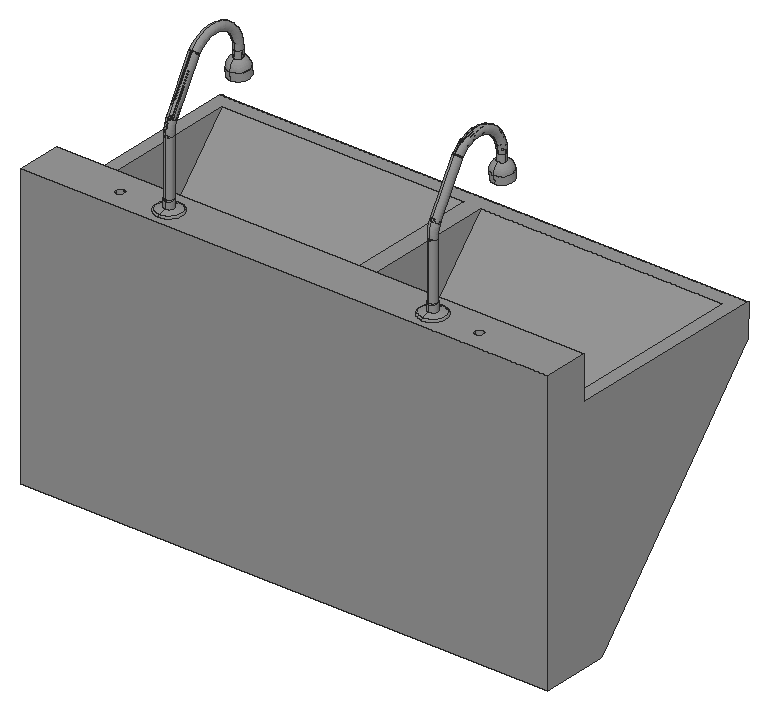
Revit family "ESS 2200-H", category Plumbing Fixtures, host Wall, Revit 2015
Parameters (values of type "ESS 2200-H")
  Width = 1524 mm
  URL = "www.mk.cl"
  Type Comments = "Fregadero de Doble Estación con Rociador de Cebolleta (8.3 Lpm/2.2 gpm max.)"
  Supplier = "Mk"  # constant formula
  Model = "ESS 2200-H"
  Manufacturer = "Sloan"  # constant formula
  Keynote = "22 41 16.16"
  ID_Source = "BIMTOOL"
  ID_Objeto = "BT_F_F_1777"
  Height = 815 mm
  Description = "FREGADERO DE ACERO INOX. DE DOBLE ESTACIÓN CON LLAVES SLOAN OPERADAS POR SENSOR"
  Depth = 717.735 mm
  Copyright © = "Bimtool 2018 ®Todos los derechos reservados."  # constant formula
  BT_Uso = "Fregadero"
  BT_SKU = "00 00 00"
  BT_Material = Acero Inoxidable
  BT_Itemizado_Estandar_CDT = "H 06 06 00"
  BT_Color = "Gris"
  Assembly Code = "D2010.60"
Reference planes
  plane 1: y = 0
  plane 2 "Center (Left/Right)": x = 125
  plane 3 "Back": y = 75
  plane 4 "Tope lavamanos": z = 1143
  plane 5: x = 887
  plane 6: x = -637
  plane 7 "Centro llave": x = -256
  plane 8 "Centro llave 2": x = 506
  plane 9: x = 849
  plane 10: x = 150
  plane 11: y = 792.735
  plane 12: y = 754.735
  plane 13: y = 205.331
  plane 14: y = 370.331
  plane 15: x = 100
  plane 16: x = -599
  plane 17: y = 135.197
  plane 18: z = 328
Forms (mm)
  Extrusion 1, solid, material "Acero Inoxidable"
    sketch origin (125, 5.331, 0) x (0, 1, 0) y (0, 0, 1)
      loop
        line (69.669, 1143) -> (69.669, 328) -> (255, 328)
        arc (255, 328) -> (258.96, 328.698) -> (262.443, 330.709) r 11.58
        line (262.443, 330.709) -> (790.887, 920.748)
        arc (790.887, 920.748) -> (792.252, 922.612) -> (792.735, 924.87) r 5.521
        line (792.735, 924.87) -> (792.735, 1016.331)
        arc (792.735, 1016.331) -> (792.246, 1017.511) -> (791.066, 1018) r 1.669
        line (791.066, 1018) -> (200, 1018) -> (200, 1143) -> (69.669, 1143)
    from -762 to 762
  Extrusion 2, void
    sketch origin (125, 5.331, 0) x (0, 1, 0) y (0, 0, 1)
      loop
        line (200, 641.877) -> (398.663, 641.877) -> (813.637, 1086.882) -> (200, 1086.882) -> (200, 641.877)
    from 25 to 724
  Extrusion 3, void
    sketch origin (-637, 5.331, 0) x (0, 1, 0) y (0, 0, 1)
      loop
        line (200, 641.877) -> (398.663, 641.877) -> (813.637, 1086.882) -> (200, 1086.882) -> (200, 641.877)
    from 38 to 737
  Extrusion 4, void
    sketch origin (0, 0, 0) x (1, 0, 0) y (0, 1, 0)
      loop
        circle (506, 370.331) r 19
      loop
        circle (-256, 370.331) r 19
    from 526.651 to 723.367
  Revolve 5, solid, material "Acero Inoxidable"
    sketch origin (506, 0, 0) x (0, 1, 0) y (0, 0, 1)
      loop
        line (135.197, 1176.318) -> (124.914, 1176.318)
        arc (124.914, 1176.318) -> (122.614, 1175.365) -> (121.661, 1173.065) r 3.254
        line (121.661, 1173.065) -> (121.661, 1153.065) -> (135.197, 1153.065) -> (135.197, 1176.318)
      axis (135.197, 1176.318) -> (135.197, 1153.065)
    angle from 0 to 360
  Revolve 6, solid, material "Acero Inoxidable"
    sketch origin (506, 0, 0) x (0, 1, 0) y (0, 0, 1)
      loop
        line (135.197, 1153.065) -> (121.661, 1153.065) -> (99.958, 1147.25)
        arc (99.958, 1147.25) -> (97.507, 1145.687) -> (96.397, 1143) r 4.829
        line (96.397, 1143) -> (135.197, 1143) -> (135.197, 1153.065)
      axis (135.197, 1153.065) -> (135.197, 1143)
    angle from 0 to 360
  Sweep 7, solid, material "Acero Inoxidable"
    path origin (125, 0, 0) x (0, 1, 0) y (0, 0, 1)
      loop
        line (135.197, 1176.006) -> (135.197, 1341.006)
    profile origin (125, 135.197, 1258.506) x (0, -1, 0) y (1, 0, 0)
      loop
        circle (0, -381) r 12
  Sweep 8, solid, material "Acero Inoxidable"
    path origin (125, 2.731, -0.122) x (0, 1, 0) y (0, 0, 1)
      loop
        arc (135.283, 1338.935) -> (137.476, 1360.081) -> (146.223, 1379.457) r 66.566
    profile origin (125, 140.207, 1359.959) x (0, -0.965438, 0.260634) y (1, 0, 0)
      loop
        circle (2.752, -381) r 12
  Sweep 9, solid, material "Acero Inoxidable"
    path origin (125, 40.94, -24.599) x (0, 1, 0) y (0, 0, 1)
      loop
        line (144.083, 1376.567) -> (226.489, 1513.714)
    profile origin (125, 226.226, 1420.542) x (0, -0.857167, 0.515038) y (1, 0, 0)
      loop
        circle (47.762, -381) r 12
  Sweep 10, solid, material "Acero Inoxidable"
    path origin (505.99, -0.757, -2.575) x (0, 1, 0) y (0, 0, 1)
      loop
        arc (226.08, 1514.661) -> (326.402, 1540.974) -> (385.649, 1455.847) r 90.57
    profile origin (505.99, 325.645, 1538.398) x (0, 0.345835, 0.938295) y (1, 0, 0)
      loop
        circle (0, 0) r 12
  Sweep 11, solid, material "Acero Inoxidable"
    path origin (125, 14.557, 0.026) x (0, 1, 0) y (0, 0, 1)
      loop
        line (384.893, 1453.272) -> (384.893, 1431.097)
    profile origin (125, 399.45, 1442.211) x (1, 0, 0) y (0, 1, 0)
      loop
        circle (-381, -14.561) r 12
  Revolve 12, solid, material "Acero Inoxidable"
    sketch origin (505, 0, 0) x (0, 1, 0) y (0, 0, 1)
      loop
        line (384.888, 1431.124) -> (372.888, 1431.124)
        arc (372.888, 1431.124) -> (360.746, 1419.517) -> (357.226, 1403.092) r 28.568
        line (357.226, 1403.092) -> (359.204, 1380.49) -> (389.09, 1383.104) -> (384.888, 1431.124)
      axis (384.797, 1432.165) -> (389.09, 1383.104)
    angle from 0 to 360
  Revolve 13, solid, material "Acero Inoxidable", not visible
    sketch origin (506, 0, 0) x (0, 1, 0) y (0, 0, 1)
      loop
        line (135.197, 1176.318) -> (124.914, 1176.318)
        arc (124.914, 1176.318) -> (122.614, 1175.365) -> (121.661, 1173.065) r 3.254
        line (121.661, 1173.065) -> (121.661, 1153.065) -> (135.197, 1153.065) -> (135.197, 1176.318)
      axis (135.197, 1176.318) -> (135.197, 1153.065)
    angle from 0 to 360
  Revolve 14, solid, material "Acero Inoxidable", not visible
    sketch origin (506, 0, 0) x (0, 1, 0) y (0, 0, 1)
      loop
        line (135.197, 1153.065) -> (121.661, 1153.065) -> (99.958, 1147.25)
        arc (99.958, 1147.25) -> (97.507, 1145.687) -> (96.397, 1143) r 4.829
        line (96.397, 1143) -> (135.197, 1143) -> (135.197, 1153.065)
      axis (135.197, 1153.065) -> (135.197, 1143)
    angle from 0 to 360
  Sweep 15, solid, material "Acero Inoxidable", not visible
    path origin (125, 0, 0) x (0, 1, 0) y (0, 0, 1)
      loop
        line (135.197, 1176.006) -> (135.197, 1341.006)
    profile origin (125, 135.197, 1258.506) x (0, -1, 0) y (1, 0, 0)
      loop
        circle (0, -381) r 12
  Sweep 16, solid, material "Acero Inoxidable", not visible
    path origin (125, 2.731, -0.122) x (0, 1, 0) y (0, 0, 1)
      loop
        arc (135.283, 1338.935) -> (137.476, 1360.081) -> (146.223, 1379.457) r 66.566
    profile origin (125, 140.207, 1359.959) x (0, -0.965438, 0.260634) y (1, 0, 0)
      loop
        circle (2.752, -381) r 12
  Sweep 17, solid, material "Acero Inoxidable", not visible
    path origin (125, 40.94, -24.599) x (0, 1, 0) y (0, 0, 1)
      loop
        line (144.083, 1376.567) -> (226.489, 1513.714)
    profile origin (125, 226.226, 1420.542) x (0, -0.857167, 0.515038) y (1, 0, 0)
      loop
        circle (47.762, -381) r 12
  Sweep 18, solid, material "Acero Inoxidable", not visible
    path origin (505.99, -0.757, -2.575) x (0, 1, 0) y (0, 0, 1)
      loop
        arc (226.08, 1514.661) -> (326.402, 1540.974) -> (385.649, 1455.847) r 90.57
    profile origin (505.99, 325.645, 1538.398) x (0, 0.345835, 0.938295) y (1, 0, 0)
      loop
        circle (0, 0) r 12
  Sweep 19, solid, material "Acero Inoxidable", not visible
    path origin (125, 14.557, 0.026) x (0, 1, 0) y (0, 0, 1)
      loop
        line (384.893, 1453.272) -> (384.893, 1431.097)
    profile origin (125, 399.45, 1442.211) x (1, 0, 0) y (0, 1, 0)
      loop
        circle (-381, -14.561) r 12
  Revolve 20, solid, material "Acero Inoxidable", not visible
    sketch origin (505, 0, 0) x (0, 1, 0) y (0, 0, 1)
      loop
        line (384.888, 1431.124) -> (372.888, 1431.124)
        arc (372.888, 1431.124) -> (360.746, 1419.517) -> (357.226, 1403.092) r 28.568
        line (357.226, 1403.092) -> (359.204, 1380.49) -> (389.09, 1383.104) -> (384.888, 1431.124)
      axis (384.797, 1432.165) -> (389.09, 1383.104)
    angle from 0 to 360
  Revolve 21, solid, material "Acero Inoxidable"
    sketch origin (506, 0, 0) x (0, 1, 0) y (0, 0, 1)
      loop
        line (135.197, 1176.318) -> (124.914, 1176.318)
        arc (124.914, 1176.318) -> (122.614, 1175.365) -> (121.661, 1173.065) r 3.254
        line (121.661, 1173.065) -> (121.661, 1153.065) -> (135.197, 1153.065) -> (135.197, 1176.318)
      axis (135.197, 1176.318) -> (135.197, 1153.065)
    angle from 0 to 360
  Revolve 22, solid, material "Acero Inoxidable"
    sketch origin (506, 0, 0) x (0, 1, 0) y (0, 0, 1)
      loop
        line (135.197, 1153.065) -> (121.661, 1153.065) -> (99.958, 1147.25)
        arc (99.958, 1147.25) -> (97.507, 1145.687) -> (96.397, 1143) r 4.829
        line (96.397, 1143) -> (135.197, 1143) -> (135.197, 1153.065)
      axis (135.197, 1153.065) -> (135.197, 1143)
    angle from 0 to 360
  Sweep 23, solid, material "Acero Inoxidable"
    path origin (125, 0, 0) x (0, 1, 0) y (0, 0, 1)
      loop
        line (135.197, 1176.006) -> (135.197, 1341.006)
    profile origin (125, 135.197, 1258.506) x (0, -1, 0) y (1, 0, 0)
      loop
        circle (0, -381) r 12
  Sweep 24, solid, material "Acero Inoxidable"
    path origin (125, 2.731, -0.122) x (0, 1, 0) y (0, 0, 1)
      loop
        arc (135.283, 1338.935) -> (137.476, 1360.081) -> (146.223, 1379.457) r 66.566
    profile origin (125, 140.207, 1359.959) x (0, -0.965438, 0.260634) y (1, 0, 0)
      loop
        circle (2.752, -381) r 12
  Sweep 25, solid, material "Acero Inoxidable"
    path origin (125, 40.94, -24.599) x (0, 1, 0) y (0, 0, 1)
      loop
        line (144.083, 1376.567) -> (226.489, 1513.714)
    profile origin (125, 226.226, 1420.542) x (0, -0.857167, 0.515038) y (1, 0, 0)
      loop
        circle (47.762, -381) r 12
  Sweep 26, solid, material "Acero Inoxidable"
    path origin (505.99, -0.757, -2.575) x (0, 1, 0) y (0, 0, 1)
      loop
        arc (226.08, 1514.661) -> (326.402, 1540.974) -> (385.649, 1455.847) r 90.57
    profile origin (505.99, 325.645, 1538.398) x (0, 0.345835, 0.938295) y (1, 0, 0)
      loop
        circle (0, 0) r 12
  Sweep 27, solid, material "Acero Inoxidable"
    path origin (125, 14.557, 0.026) x (0, 1, 0) y (0, 0, 1)
      loop
        line (384.893, 1453.272) -> (384.893, 1431.097)
    profile origin (125, 399.45, 1442.211) x (1, 0, 0) y (0, 1, 0)
      loop
        circle (-381, -14.561) r 12
  Revolve 28, solid, material "Acero Inoxidable"
    sketch origin (505, 0, 0) x (0, 1, 0) y (0, 0, 1)
      loop
        line (384.888, 1431.124) -> (372.888, 1431.124)
        arc (372.888, 1431.124) -> (360.746, 1419.517) -> (357.226, 1403.092) r 28.568
        line (357.226, 1403.092) -> (359.204, 1380.49) -> (389.09, 1383.104) -> (384.888, 1431.124)
      axis (384.797, 1432.165) -> (389.09, 1383.104)
    angle from 0 to 360
  Extrusion 29, void
    sketch origin (0, -26.886, -88.568) x (1, 0, 0) y (0, 0, 1)
      loop
        line (576, 1080.5) -> (436, 1080.5) -> (436, 1040.5) -> (576, 1040.5) -> (576, 1080.5)
    from -835.874 to -806.886
  Extrusion 30, void
    sketch origin (-762, -26.886, -88.568) x (1, 0, 0) y (0, 0, 1)
      loop
        line (576, 1080.5) -> (436, 1080.5) -> (436, 1040.5) -> (576, 1040.5) -> (576, 1080.5)
    from -835.874 to -806.886
  Extrusion 31, void
    sketch origin (0, 0, 0) x (1, 0, 0) y (0, 1, 0)
      loop
        circle (-393.492, 130.919) r 12
      loop
        circle (643.492, 130.919) r 12
    from 270.959 to 1196.691
  Revolve 32, solid, material "Acero Inoxidable"
    sketch origin (-255.416, 0, 0) x (0, 1, 0) y (0, 0, 1)
      loop
        line (135.197, 1176.318) -> (124.914, 1176.318)
        arc (124.914, 1176.318) -> (122.614, 1175.365) -> (121.661, 1173.065) r 3.254
        line (121.661, 1173.065) -> (121.661, 1153.065) -> (135.197, 1153.065) -> (135.197, 1176.318)
      axis (135.197, 1176.318) -> (135.197, 1153.065)
    angle from 0 to 360
  Revolve 33, solid, material "Acero Inoxidable"
    sketch origin (-255.416, 0, 0) x (0, 1, 0) y (0, 0, 1)
      loop
        line (135.197, 1153.065) -> (121.661, 1153.065) -> (99.958, 1147.25)
        arc (99.958, 1147.25) -> (97.507, 1145.687) -> (96.397, 1143) r 4.829
        line (96.397, 1143) -> (135.197, 1143) -> (135.197, 1153.065)
      axis (135.197, 1153.065) -> (135.197, 1143)
    angle from 0 to 360
  Sweep 34, solid, material "Acero Inoxidable"
    path origin (-255.427, -0.757, -2.575) x (0, 1, 0) y (0, 0, 1)
      loop
        arc (226.08, 1514.661) -> (326.402, 1540.974) -> (385.649, 1455.847) r 90.57
    profile origin (-255.427, 325.645, 1538.398) x (0, 0.345835, 0.938295) y (1, 0, 0)
      loop
        circle (0, 0) r 12
  Revolve 35, solid, material "Acero Inoxidable"
    sketch origin (-256.416, 0, 0) x (0, 1, 0) y (0, 0, 1)
      loop
        line (384.888, 1431.124) -> (372.888, 1431.124)
        arc (372.888, 1431.124) -> (360.746, 1419.517) -> (357.226, 1403.092) r 28.568
        line (357.226, 1403.092) -> (359.204, 1380.49) -> (389.09, 1383.104) -> (384.888, 1431.124)
      axis (384.797, 1432.165) -> (389.09, 1383.104)
    angle from 0 to 360
  Sweep 36, solid, material "Acero Inoxidable"
    path origin (886.605, 0, 0.222) x (0, 1, 0) y (0, 0, 1)
      loop
        line (135.197, 1176.006) -> (135.197, 1341.006)
    profile origin (886.605, 135.197, 1258.728) x (0, -1, 0) y (1, 0, 0)
      loop
        circle (0, -381) r 12
  Sweep 37, solid, material "Acero Inoxidable"
    path origin (886.605, 2.731, 0.099) x (0, 1, 0) y (0, 0, 1)
      loop
        arc (135.283, 1338.935) -> (137.476, 1360.081) -> (146.223, 1379.457) r 66.566
    profile origin (886.605, 140.207, 1360.18) x (0, -0.965438, 0.260634) y (1, 0, 0)
      loop
        circle (2.752, -381) r 12
  Sweep 38, solid, material "Acero Inoxidable"
    path origin (886.605, 40.94, -24.377) x (0, 1, 0) y (0, 0, 1)
      loop
        line (144.083, 1376.567) -> (226.489, 1513.714)
    profile origin (886.605, 226.226, 1420.763) x (0, -0.857167, 0.515038) y (1, 0, 0)
      loop
        circle (47.762, -381) r 12
  Sweep 39, solid, material "Acero Inoxidable"
    path origin (886.605, 14.557, 0.248) x (0, 1, 0) y (0, 0, 1)
      loop
        line (384.893, 1453.272) -> (384.893, 1431.097)
    profile origin (886.605, 399.45, 1442.433) x (1, 0, 0) y (0, 1, 0)
      loop
        circle (-381, -14.561) r 12
  Revolve 40, solid, material "Acero Inoxidable"
    sketch origin (-255.416, 0, 0) x (0, 1, 0) y (0, 0, 1)
      loop
        line (135.197, 1176.318) -> (124.914, 1176.318)
        arc (124.914, 1176.318) -> (122.614, 1175.365) -> (121.661, 1173.065) r 3.254
        line (121.661, 1173.065) -> (121.661, 1153.065) -> (135.197, 1153.065) -> (135.197, 1176.318)
      axis (135.197, 1176.318) -> (135.197, 1153.065)
    angle from 0 to 360
  Revolve 41, solid, material "Acero Inoxidable"
    sketch origin (-255.416, 0, 0) x (0, 1, 0) y (0, 0, 1)
      loop
        line (135.197, 1153.065) -> (121.661, 1153.065) -> (99.958, 1147.25)
        arc (99.958, 1147.25) -> (97.507, 1145.687) -> (96.397, 1143) r 4.829
        line (96.397, 1143) -> (135.197, 1143) -> (135.197, 1153.065)
      axis (135.197, 1153.065) -> (135.197, 1143)
    angle from 0 to 360
  Sweep 42, solid, material "Acero Inoxidable"
    path origin (-255.427, -0.757, -2.575) x (0, 1, 0) y (0, 0, 1)
      loop
        arc (226.08, 1514.661) -> (326.402, 1540.974) -> (385.649, 1455.847) r 90.57
    profile origin (-255.427, 325.645, 1538.398) x (0, 0.345835, 0.938295) y (1, 0, 0)
      loop
        circle (0, 760.853) r 12
  Revolve 43, solid, material "Acero Inoxidable"
    sketch origin (-256.416, 0, 0) x (0, 1, 0) y (0, 0, 1)
      loop
        line (384.888, 1431.124) -> (372.888, 1431.124)
        arc (372.888, 1431.124) -> (360.746, 1419.517) -> (357.226, 1403.092) r 28.568
        line (357.226, 1403.092) -> (359.204, 1380.49) -> (389.09, 1383.104) -> (384.888, 1431.124)
      axis (384.797, 1432.165) -> (389.09, 1383.104)
    angle from 0 to 360
  Sweep 44, solid, material "Acero Inoxidable"
    path origin (886.605, 0, 0.222) x (0, 1, 0) y (0, 0, 1)
      loop
        line (135.197, 1176.006) -> (135.197, 1341.006)
    profile origin (886.605, 135.197, 1258.728) x (0, -1, 0) y (1, 0, 0)
      loop
        circle (0, -1142.21) r 12
  Sweep 45, solid, material "Acero Inoxidable"
    path origin (886.605, 2.731, 0.099) x (0, 1, 0) y (0, 0, 1)
      loop
        arc (135.283, 1338.935) -> (137.476, 1360.081) -> (146.223, 1379.457) r 66.566
    profile origin (886.605, 140.207, 1360.18) x (0, -0.965438, 0.260634) y (1, 0, 0)
      loop
        circle (2.752, -1142.21) r 12
  Sweep 46, solid, material "Acero Inoxidable"
    path origin (886.605, 40.94, -24.377) x (0, 1, 0) y (0, 0, 1)
      loop
        line (144.083, 1376.567) -> (226.489, 1513.714)
    profile origin (886.605, 226.226, 1420.763) x (0, -0.857167, 0.515038) y (1, 0, 0)
      loop
        circle (47.762, -1142.21) r 12
  Sweep 47, solid, material "Acero Inoxidable"
    path origin (886.605, 14.557, 0.248) x (0, 1, 0) y (0, 0, 1)
      loop
        line (384.893, 1453.272) -> (384.893, 1431.097)
    profile origin (886.605, 399.45, 1442.433) x (1, 0, 0) y (0, 1, 0)
      loop
        circle (-1142.21, -14.561) r 12
  Revolve 48, solid, material "Acero Inoxidable", not visible
    sketch origin (-255.416, 0, 0) x (0, 1, 0) y (0, 0, 1)
      loop
        line (135.197, 1176.318) -> (124.914, 1176.318)
        arc (124.914, 1176.318) -> (122.614, 1175.365) -> (121.661, 1173.065) r 3.254
        line (121.661, 1173.065) -> (121.661, 1153.065) -> (135.197, 1153.065) -> (135.197, 1176.318)
      axis (135.197, 1176.318) -> (135.197, 1153.065)
    angle from 0 to 360
  Revolve 49, solid, material "Acero Inoxidable", not visible
    sketch origin (-255.416, 0, 0) x (0, 1, 0) y (0, 0, 1)
      loop
        line (135.197, 1153.065) -> (121.661, 1153.065) -> (99.958, 1147.25)
        arc (99.958, 1147.25) -> (97.507, 1145.687) -> (96.397, 1143) r 4.829
        line (96.397, 1143) -> (135.197, 1143) -> (135.197, 1153.065)
      axis (135.197, 1153.065) -> (135.197, 1143)
    angle from 0 to 360
  Sweep 50, solid, material "Acero Inoxidable", not visible
    path origin (-255.427, -0.757, -2.575) x (0, 1, 0) y (0, 0, 1)
      loop
        arc (226.08, 1514.661) -> (326.402, 1540.974) -> (385.649, 1455.847) r 90.57
    profile origin (-255.427, 325.645, 1538.398) x (0, 0.345835, 0.938295) y (1, 0, 0)
      loop
        circle (0, 760.853) r 12
  Revolve 51, solid, material "Acero Inoxidable", not visible
    sketch origin (-256.416, 0, 0) x (0, 1, 0) y (0, 0, 1)
      loop
        line (384.888, 1431.124) -> (372.888, 1431.124)
        arc (372.888, 1431.124) -> (360.746, 1419.517) -> (357.226, 1403.092) r 28.568
        line (357.226, 1403.092) -> (359.204, 1380.49) -> (389.09, 1383.104) -> (384.888, 1431.124)
      axis (384.797, 1432.165) -> (389.09, 1383.104)
    angle from 0 to 360
  Sweep 52, solid, material "Acero Inoxidable", not visible
    path origin (886.605, 0, 0.222) x (0, 1, 0) y (0, 0, 1)
      loop
        line (135.197, 1176.006) -> (135.197, 1341.006)
    profile origin (886.605, 135.197, 1258.728) x (0, -1, 0) y (1, 0, 0)
      loop
        circle (0, -1142.21) r 12
  Sweep 53, solid, material "Acero Inoxidable", not visible
    path origin (886.605, 2.731, 0.099) x (0, 1, 0) y (0, 0, 1)
      loop
        arc (135.283, 1338.935) -> (137.476, 1360.081) -> (146.223, 1379.457) r 66.566
    profile origin (886.605, 140.207, 1360.18) x (0, -0.965438, 0.260634) y (1, 0, 0)
      loop
        circle (2.752, -1142.21) r 12
  Sweep 54, solid, material "Acero Inoxidable", not visible
    path origin (886.605, 40.94, -24.377) x (0, 1, 0) y (0, 0, 1)
      loop
        line (144.083, 1376.567) -> (226.489, 1513.714)
    profile origin (886.605, 226.226, 1420.763) x (0, -0.857167, 0.515038) y (1, 0, 0)
      loop
        circle (47.762, -1142.21) r 12
  Sweep 55, solid, material "Acero Inoxidable", not visible
    path origin (886.605, 14.557, 0.248) x (0, 1, 0) y (0, 0, 1)
      loop
        line (384.893, 1453.272) -> (384.893, 1431.097)
    profile origin (886.605, 399.45, 1442.433) x (1, 0, 0) y (0, 1, 0)
      loop
        circle (-1142.21, -14.561) r 12
Cuts and joins
  Extrusion 2, Extrusion 3, Extrusion 4, Extrusion 29, Extrusion 30, Extrusion 31 cuts Extrusion 1
Text (mm)
  text "Placement side" at (-1787.139, 592.35, 0), in view "Ref. Level"
  text "Placement side" at (0, 1827.695, 2917.686), in view "Left"
  text "Placement side" at (0, 562.268, 3853.606), in view "Right"
Dimensions and locks
  locked: plane 3 "Back" to host wall at 0
  "Height": plane 18 to plane 4 "Tope lavamanos"
  "Width": plane 6 to plane 5
  "Depth": plane 3 "Back" to plane 11
  aligned and locked: host wall to plane 1
  aligned and locked: plane 6 to Extrusion 1
  aligned and locked: plane 5 to Extrusion 1
  aligned and locked: cut or joined group of Extrusion 1, Extrusion 2, Extrusion 3, Extrusion 4, Extrusion 29, Extrusion 30, Extrusion 31 to plane 10
  aligned and locked: plane 9 to cut or joined group of Extrusion 1, Extrusion 2, Extrusion 3, Extrusion 4, Extrusion 29, Extrusion 30, Extrusion 31
  aligned and locked: plane 12 to cut or joined group of Extrusion 1, Extrusion 2, Extrusion 3, Extrusion 4, Extrusion 29, Extrusion 30, Extrusion 31
  aligned and locked: cut or joined group of Extrusion 1, Extrusion 2, Extrusion 3, Extrusion 4, Extrusion 29, Extrusion 30, Extrusion 31 to plane 15
  aligned and locked: plane 16 to cut or joined group of Extrusion 1, Extrusion 2, Extrusion 3, Extrusion 4, Extrusion 29, Extrusion 30, Extrusion 31
  aligned and locked: Extrusion 1 to host wall
Automatic sketch dimensions
  Extrusion 2 sketch curve to plane 13 = 0 mm
  plane 14 to Extrusion 2 sketch curve = 33.663 mm
  plane 11 to Extrusion 2 sketch curve = 26.233 mm
  plane 18 to Extrusion 2 sketch curve = 313.877 mm
  Extrusion 2 sketch curve to plane 4 "Tope lavamanos" = 56.118 mm
  Extrusion 3 sketch curve to plane 13 = 0 mm
  plane 14 to Extrusion 3 sketch curve = 33.663 mm
  plane 11 to Extrusion 3 sketch curve = 26.233 mm
  plane 18 to Extrusion 3 sketch curve = 313.877 mm
  Extrusion 3 sketch curve to plane 4 "Tope lavamanos" = 56.118 mm
  Extrusion 4 sketch curve to plane 7 "Centro llave" = 0 mm
  Extrusion 4 sketch curve to plane 8 "Centro llave 2" = 0 mm
  Extrusion 4 sketch curve to plane 14 = 0 mm  (x2)
  Extrusion 29 sketch curve to plane 8 "Centro llave 2" = 70 mm
  plane 8 "Centro llave 2" to Extrusion 29 sketch curve = 70 mm
  Extrusion 29 sketch curve to plane 4 "Tope lavamanos" = 191.068 mm
  Extrusion 29 sketch curve to Extrusion 29 sketch curve = 40 mm
  Extrusion 30 sketch curve to plane 7 "Centro llave" = 70 mm
  plane 7 "Centro llave" to Extrusion 30 sketch curve = 70 mm
  Extrusion 30 sketch curve to plane 4 "Tope lavamanos" = 191.068 mm
  Extrusion 30 sketch curve to Extrusion 30 sketch curve = 40 mm
  plane 17 to Extrusion 31 sketch curve = 4.278 mm  (x2)
  Extrusion 31 sketch curve to plane 7 "Centro llave" = 137.492 mm
  plane 8 "Centro llave 2" to Extrusion 31 sketch curve = 137.492 mm
  Revolve 32 sketch curve to Revolve 32 sketch curve = 3.254 mm
  Revolve 32 sketch curve to Revolve 32 sketch curve = 10.283 mm
  Revolve 32 sketch curve to Revolve 32 sketch curve = 20 mm
  Revolve 32 sketch curve to Revolve 32 sketch curve = 0 mm  (x3)
  Revolve 33 sketch curve to Revolve 33 sketch curve = 3.562 mm
  Revolve 33 sketch curve to Revolve 33 sketch curve = 1.25 mm
  Revolve 33 sketch curve to Revolve 33 sketch curve = 21.702 mm
  Revolve 33 sketch curve to Revolve 33 sketch curve = 13.536 mm
  Revolve 33 sketch curve to Revolve 33 sketch curve = 0.415 mm
  Revolve 33 sketch curve to Revolve 33 sketch curve = 10.065 mm
  Revolve 33 sketch curve to Revolve 33 sketch curve = 0 mm  (x3)
  Sweep 34 sketch curve to Sweep 34 sketch curve = 68.999 mm
  Sweep 34 sketch curve to Sweep 34 sketch curve = 90.57 mm
  Sweep 34 sketch curve to Sweep 34 sketch curve = 0.145 mm
  Sweep 34 sketch curve to profile plane = 0 mm  (x2)
  Revolve 35 sketch curve to Revolve 35 sketch curve = 1.977 mm
  Revolve 35 sketch curve to Revolve 35 sketch curve = 15.662 mm
  Revolve 35 sketch curve to Revolve 35 sketch curve = 12 mm
  Revolve 35 sketch curve to Revolve 35 sketch curve = 0.797 mm
  Revolve 35 sketch curve to Revolve 35 sketch curve = 3.404 mm
  Revolve 35 sketch curve to Revolve 35 sketch curve = 2.615 mm
  Revolve 35 sketch curve to Revolve 35 sketch curve = 0 mm  (x4)
  Extrusion 1 sketch curve to host wall = 0 mm
  Extrusion 1 sketch curve to plane 13 = 0 mm
  Extrusion 1 sketch curve to plane 18 = 0 mm
  Extrusion 1 sketch curve to plane 4 "Tope lavamanos" = 0 mm
  plane 13 to Extrusion 1 sketch curve = 55 mm
  plane 18 to Extrusion 1 sketch curve = 2.709 mm
  Extrusion 1 sketch curve to Extrusion 1 sketch curve = 7.443 mm
  Extrusion 1 sketch curve to plane 11 = 0.19 mm
  plane 11 to Extrusion 1 sketch curve = 3.483 mm
  plane 11 to Extrusion 1 sketch curve = 3.663 mm
  Extrusion 1 sketch curve to Extrusion 1 sketch curve = 1.848 mm
  Extrusion 1 sketch curve to plane 4 "Tope lavamanos" = 222.252 mm
  Extrusion 1 sketch curve to Extrusion 1 sketch curve = 91.461 mm
  Sweep 36 sketch curve to Sweep 36 sketch curve = 165 mm
  Sweep 36 sketch curve to profile plane = 0 mm
  Sweep 36 sketch curve to profile plane = 381 mm
  Sweep 37 sketch curve to Sweep 37 sketch curve = 55.518 mm
  Sweep 37 sketch curve to Sweep 37 sketch curve = 10.94 mm
  Sweep 37 sketch curve to Sweep 37 sketch curve = 3.796 mm
  Sweep 37 sketch curve to profile plane = 2.752 mm
  Sweep 37 sketch curve to profile plane = 381 mm
  Sweep 38 sketch curve to Sweep 38 sketch curve = 82.406 mm
  Sweep 38 sketch curve to Sweep 38 sketch curve = 137.147 mm
  Sweep 38 sketch curve to profile plane = 47.762 mm
  Sweep 38 sketch curve to profile plane = 381 mm
  Sweep 39 sketch curve to Sweep 39 sketch curve = 22.175 mm
  profile plane to Sweep 39 sketch curve = 14.561 mm
  Sweep 39 sketch curve to profile plane = 381 mm
  Revolve 40 sketch curve to Revolve 40 sketch curve = 3.254 mm
  Revolve 40 sketch curve to Revolve 40 sketch curve = 10.283 mm
  Revolve 40 sketch curve to Revolve 40 sketch curve = 20 mm
  Revolve 40 sketch curve to Revolve 40 sketch curve = 0 mm  (x3)
  Revolve 41 sketch curve to Revolve 41 sketch curve = 3.562 mm
  Revolve 41 sketch curve to Revolve 41 sketch curve = 4.812 mm
  Revolve 41 sketch curve to Revolve 41 sketch curve = 21.702 mm
  Revolve 41 sketch curve to Revolve 41 sketch curve = 13.536 mm
  Revolve 41 sketch curve to Revolve 41 sketch curve = 0.415 mm
  Revolve 41 sketch curve to Revolve 41 sketch curve = 10.065 mm
  Revolve 41 sketch curve to Revolve 41 sketch curve = 0 mm  (x3)
  Sweep 42 sketch curve to Sweep 42 sketch curve = 68.999 mm
  Sweep 42 sketch curve to Sweep 42 sketch curve = 90.57 mm
  Sweep 42 sketch curve to Sweep 42 sketch curve = 0.145 mm
  Sweep 42 sketch curve to profile plane = 0 mm
  profile plane to Sweep 42 sketch curve = 760.853 mm
  Revolve 43 sketch curve to Revolve 43 sketch curve = 1.977 mm
  Revolve 43 sketch curve to Revolve 43 sketch curve = 15.662 mm
  Revolve 43 sketch curve to Revolve 43 sketch curve = 12 mm
  Revolve 43 sketch curve to Revolve 43 sketch curve = 0.797 mm
  Revolve 43 sketch curve to Revolve 43 sketch curve = 3.404 mm
  Revolve 43 sketch curve to Revolve 43 sketch curve = 2.615 mm
  Revolve 43 sketch curve to Revolve 43 sketch curve = 0 mm  (x4)
  Sweep 44 sketch curve to Sweep 44 sketch curve = 165 mm
  Sweep 44 sketch curve to profile plane = 0 mm
  Sweep 44 sketch curve to profile plane = 1142.21 mm
  Sweep 45 sketch curve to Sweep 45 sketch curve = 55.518 mm
  Sweep 45 sketch curve to Sweep 45 sketch curve = 10.94 mm
  Sweep 45 sketch curve to Sweep 45 sketch curve = 3.796 mm
  Sweep 45 sketch curve to profile plane = 2.752 mm
  Sweep 45 sketch curve to profile plane = 1142.21 mm
  Sweep 46 sketch curve to Sweep 46 sketch curve = 82.406 mm
  Sweep 46 sketch curve to Sweep 46 sketch curve = 137.147 mm
  Sweep 46 sketch curve to profile plane = 47.762 mm
  Sweep 46 sketch curve to profile plane = 1142.21 mm
  Sweep 47 sketch curve to Sweep 47 sketch curve = 22.175 mm
  profile plane to Sweep 47 sketch curve = 14.561 mm
  Sweep 47 sketch curve to profile plane = 1142.21 mm
  Revolve 48 sketch curve to Revolve 48 sketch curve = 3.254 mm
  Revolve 48 sketch curve to Revolve 48 sketch curve = 10.283 mm
  Revolve 48 sketch curve to Revolve 48 sketch curve = 20 mm
  Revolve 48 sketch curve to Revolve 48 sketch curve = 0 mm  (x3)
  Revolve 49 sketch curve to Revolve 49 sketch curve = 3.562 mm
  Revolve 49 sketch curve to Revolve 49 sketch curve = 4.812 mm
  Revolve 49 sketch curve to Revolve 49 sketch curve = 21.702 mm
  Revolve 49 sketch curve to Revolve 49 sketch curve = 13.536 mm
  Revolve 49 sketch curve to Revolve 49 sketch curve = 0.415 mm
  Revolve 49 sketch curve to Revolve 49 sketch curve = 10.065 mm
  Revolve 49 sketch curve to Revolve 49 sketch curve = 0 mm  (x3)
  Sweep 50 sketch curve to Sweep 50 sketch curve = 68.999 mm
  Sweep 50 sketch curve to Sweep 50 sketch curve = 90.57 mm
  Sweep 50 sketch curve to Sweep 50 sketch curve = 0.145 mm
  Revolve 51 sketch curve to Revolve 51 sketch curve = 1.977 mm
  Revolve 51 sketch curve to Revolve 51 sketch curve = 15.662 mm
  Revolve 51 sketch curve to Revolve 51 sketch curve = 12 mm
  Revolve 51 sketch curve to Revolve 51 sketch curve = 0.797 mm
  Revolve 51 sketch curve to Revolve 51 sketch curve = 3.404 mm
  Revolve 51 sketch curve to Revolve 51 sketch curve = 2.615 mm
  Revolve 51 sketch curve to Revolve 51 sketch curve = 0 mm  (x4)
  Sweep 52 sketch curve to Sweep 52 sketch curve = 165 mm
  Sweep 53 sketch curve to Sweep 53 sketch curve = 55.518 mm
  Sweep 53 sketch curve to Sweep 53 sketch curve = 10.94 mm
  Sweep 53 sketch curve to Sweep 53 sketch curve = 3.796 mm
  Sweep 54 sketch curve to Sweep 54 sketch curve = 82.406 mm
  Sweep 54 sketch curve to Sweep 54 sketch curve = 137.147 mm
  Sweep 55 sketch curve to Sweep 55 sketch curve = 22.175 mm
  radius of Extrusion 4 sketch curve = 19 mm  (x2)
  radius of Extrusion 31 sketch curve = 12 mm  (x2)
  radius of Sweep 34 sketch curve = 12 mm
  radius of Sweep 36 sketch curve = 12 mm
  radius of Sweep 37 sketch curve = 12 mm
  radius of Sweep 38 sketch curve = 12 mm
  radius of Sweep 39 sketch curve = 12 mm
  radius of Sweep 42 sketch curve = 12 mm
  radius of Sweep 44 sketch curve = 12 mm
  radius of Sweep 45 sketch curve = 12 mm
  radius of Sweep 46 sketch curve = 12 mm
  radius of Sweep 47 sketch curve = 12 mm
  radius of Sweep 50 sketch curve = 12 mm
  radius of Sweep 52 sketch curve = 12 mm
  radius of Sweep 53 sketch curve = 12 mm
  radius of Sweep 54 sketch curve = 12 mm
  radius of Sweep 55 sketch curve = 12 mm
Connectors
  piping at (-256, 370.331, 526.651), diameter 38
    settings: on cut or joined group of Extrusion 1, Extrusion 2, Extrusion 3, Extrusion 4, Extrusion 29, Extrusion 30, Extrusion 31, index 1, connector inside diameter 609.6 mm, connector length 0 mm, flow factor 0, pipe flow 0.0 L/s, pressure drop 0.0 Pa, fitting loss kfactor 0, connector angle 0.00°, fixture units 0, engagement length 0 mm, angle of deflection 0.00°, flow configuration 0, flow direction 0, fitting loss method 0, system type 7, joint type 0, gender type 0, connector reference index -1, connector utility 0, adjustable connector no, is connector primary yes, connector description ""
  piping at (506, 370.331, 526.651), diameter 38
    settings: on cut or joined group of Extrusion 1, Extrusion 2, Extrusion 3, Extrusion 4, Extrusion 29, Extrusion 30, Extrusion 31, index 2, connector inside diameter 609.6 mm, connector length 0 mm, flow factor 0, pipe flow 0.0 L/s, pressure drop 0.0 Pa, fitting loss kfactor 0, connector angle 0.00°, fixture units 0, engagement length 0 mm, angle of deflection 0.00°, flow configuration 0, flow direction 0, fitting loss method 0, system type 7, joint type 0, gender type 0, connector reference index -1, connector utility 0, adjustable connector no, is connector primary no, connector description ""
